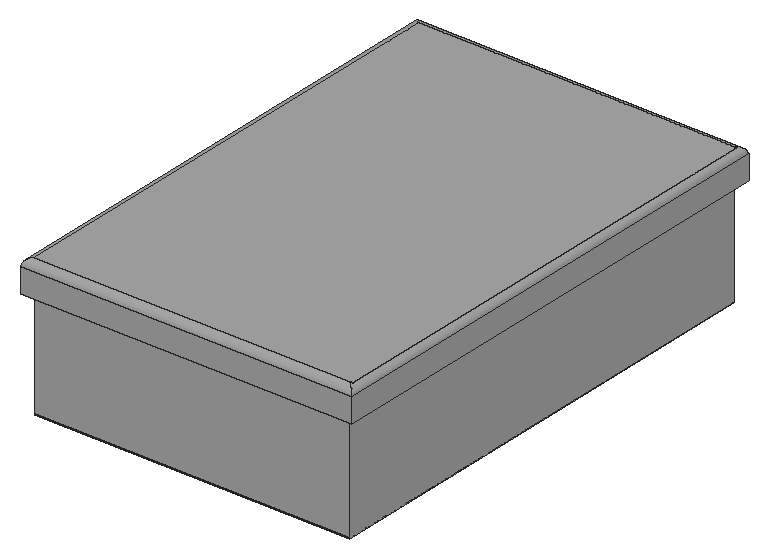
Revit family "5001S_Control Panel and Indicating Equipment", category Fire Alarm Devices, host Face, Revit 2020
Family settings
  Host = Face
  Maintain Annotation Orientation = No
  Round Connector Dimension = Use Diameter
  Part Type = Normal
  OmniClass Number = 23.85.30.21
  OmniClass Title = Environmental Detection/Registration
  Cut with Voids When Loaded = No
  Shared = No
  Room Calculation Point = No
Parameters (values of type "5001S")
  Width (W) = 418 mm  # constant formula
  Weight = "19 kg (no internal batteries), 41 kg (with 2 x 28Ah batteries)"  # constant formula
  Voltage System = "24V DC"  # constant formula
  Voltage Primary = "230 V AC (195-253) 2.0 A 50 Hz"  # constant formula
  Version = "RVT20"  # constant formula
  Uniformat 2010 Description = "Detection and Alarm"  # constant formula
  Uniformat 2010  Code = "D7050"  # constant formula
  Uniclass 2015 Description = "Fire and smoke detector bases"  # constant formula
  Uniclass 2015 Code = "Pr_75_80_30_27 "  # constant formula
  URL = "https://www.panasonic-fire-security.com"
  Type Comments = "The 5001S is an EBL512 G3 control unit with main board 5012 without display and keypad. The control unit has 4 COM loops. It can be configured for 128, 256 or 512 alarm points, and the number of alarm points can be upgraded on site. In total, 1012 COM loop units (addresses) can be used; of which 512 can be alarm points."  # constant formula
  Tested and Approved = "EN54-4, EN54-2"  # constant formula
  Short Circuit Isolator = "Yes, for loops 0-3"  # constant formula
  Product Material = Metal cabinet_Aluminum-zinc – AZ150
  Omniclass Description = "Smoke Detectors"  # constant formula
  Omniclass Code = "23.85.30.21.11.11.11"  # constant formula
  Number of Loops = 4  # constant formula
  Network = "Yes. Up to 30 control panels. Network boards 5040 or TLON connection boards 5090\u0002"  # constant formula
  Model = "5001S"  # constant formula
  Min_Wire Size = "Ø 0.65 mm (0.33 mm²)"  # constant formula
  Max_Wire Size = "Ø 1.6 mm (2 mm²)"  # constant formula
  Max. nº of isolators (Loop) = 128  # constant formula
  Max. nº of alarm points (Panel) = 512  # constant formula
  Max. nº of addresses (Panel) = 1012  # constant formula
  Max. nº of addresses (Loop) = 253  # constant formula
  Max. COM Loop Repeaters (Panel) = 16  # constant formula
  Manufacturer = "Panasonic"  # constant formula
  Ingress Protection Rating = "IP30"  # constant formula
  Height (H) = 625 mm  # constant formula
  Expansion Board Installed [instance] = "Max. 6 per panel"  # constant formula
  Description = "Control and Indicating Equipment EBL512 G3. Model 5001S (Green Box) with not front and no display. "  # constant formula
  Depth (D) = 177 mm  # constant formula
  Default Elevation = 0 mm
  Contact = ""
  CPR = "0402-CPR-C500142"  # constant formula
  Ambient Temperature Storage = "-30 to +80 °C"  # constant formula
  Ambient Temperature Operating = "-5 to +40 °C"  # constant formula
  Ambient Humidity = "Maximum 95 % RH "  # constant formula
  4583-8 Inputs and Outputs Expansion Board [instance] = 0
  4581-8 Relay Outputs Expansion Board [instance] = 6
  4580-8 Zones Expansion Board [instance] = 1
Reference planes
  plane 1 "Center (Front/Back)": y = 0
  plane 2: z = 0
  plane 3 "Center (Left/Right)": x = 0
  plane 4: x = -199
  plane 5: z = 177
  plane 6: y = 312.5
  plane 7: y = -312.5
  plane 8: z = 137
  plane 9: z = 1
  plane 10: x = -189
  plane 11: y = 302.5
  plane 12: y = -302.5
  plane 13: x = -209
  plane 14: z = 167
  plane 15: x = -179
  plane 16: x = 199
  plane 17: x = 189
  plane 18: x = 209
  plane 19: x = 179
  plane 20: y = 292.5
  plane 21: y = -292.5
Forms (mm)
  Extrusion 1, solid, material "Metal cabinet_Aluminum-zinc – AZ150" <- "Product Material"
    sketch origin (0, 0, 0) x (1, 0, 0) y (0, 1, 0)
      loop
        line (-199, 302.5) -> (-199, -302.5) -> (199, -302.5) -> (199, 302.5) -> (-199, 302.5)
      loop
        line (-189, -292.5) -> (189, -292.5) -> (189, 292.5) -> (-189, 292.5) -> (-189, -292.5)
    from 0 to 167
  Extrusion 2, solid, material "Metal cabinet_Aluminum-zinc – AZ150" <- "Product Material"
    sketch origin (0, 0, 0) x (1, 0, 0) y (0, 1, 0)
      loop
        line (-199, 302.5) -> (-199, -302.5) -> (199, -302.5) -> (199, 302.5) -> (-199, 302.5)
    from 0 to 1
  Sweep 3, solid, material "Metal cabinet_Aluminum-zinc – AZ150" <- "Product Material"
    path in 3D
      loop
        line (199, -302.5, 167) -> (199, 302.5, 167) -> (-199, 302.5, 167) -> (-199, -302.5, 167) -> (199, -302.5, 167)
    profile origin (0, -302.5, 167) x (0, 1, 0) y (0, 0, 1)
      loop
        line (-10, -30) -> (0, -30) -> (0, 0) -> (10, 0) -> (10, 10) -> (-0.445, 10)
        arc (-0.445, 10) -> (-7.201, 7.201) -> (-10, 0.445) r 9.555
        line (-10, 0.445) -> (-10, -30)
  Extrusion 4, solid, material "Metal cabinet_Aluminum-zinc – AZ150" <- "Product Material"
    sketch origin (0, 0, 0) x (1, 0, 0) y (0, 1, 0)
      loop
        line (-189, 302.5) -> (-189, -302.5) -> (202, -302.5) -> (202, 302.5) -> (-189, 302.5)
    from 137 to 177
Cuts and joins
  joined: Sweep 3, Extrusion 4
Lines and regions (mm)
  sketch lines
    curve 1: line (-199, -302.5, 167) -> (199, -302.5, 167)
    curve 2: line (-199, 302.5, 167) -> (-199, -302.5, 167)
    curve 3: line (199, 302.5, 167) -> (-199, 302.5, 167)
    curve 4: line (199, -302.5, 167) -> (199, 302.5, 167)
Dimensions and locks
  locked: plane 7 to plane 12 at 10
  plane 13 to plane 4 to plane 10 = 10 mm locked, 10 mm locked
  locked: plane 6 to plane 11 at 10
  equal spacing: plane 6, plane 1 "Center (Front/Back)", plane 7
  locked: plane 10 to plane 15 at 10
  plane 18 to plane 16 to plane 17 = 10 mm locked, 10 mm locked
  locked: plane 17 to plane 19 at 10
  equal spacing: plane 13, plane 3 "Center (Left/Right)", plane 18
  locked: plane 11 to plane 20 at 10
  locked: plane 12 to plane 21 at 10
  plane 5 to plane 14 to plane 8 = 10 mm locked, 30 mm locked
  "Depth (D)": plane 5 to host face
  "Height (H)": plane 6 to plane 7
  "Width (W)": plane 13 to plane 18
  aligned and locked: plane 2 to host face
  aligned and locked: level to host face
  aligned and locked: plane 4 to Extrusion 1 sketch curve
  aligned and locked: Extrusion 1 to level
  aligned and locked: Extrusion 2 to level
  aligned and locked: plane 9 to Extrusion 2
  aligned and locked: plane 14 to Extrusion 1
  aligned and locked: plane 5 to Sweep 3 sketch curve
  aligned and locked: Sweep 3 sketch curve to profile plane  (x2)
  aligned and locked: Sweep 3 sketch curve to plane 8
  aligned and locked: Extrusion 4 to plane 8
  aligned and locked: plane 5 to Extrusion 4
  aligned and locked: plane 10 to Extrusion 4 sketch curve
  aligned and locked: Extrusion 4 sketch curve to plane 11
  aligned and locked: Extrusion 4 sketch curve to plane 12
  aligned and locked: plane 10 to Extrusion 1 sketch curve
  aligned and locked: Extrusion 1 sketch curve to plane 20
  aligned and locked: Extrusion 1 sketch curve to plane 11
  aligned and locked: plane 16 to Extrusion 1 sketch curve
  aligned and locked: plane 17 to Extrusion 1 sketch curve
  aligned and locked: Extrusion 1 sketch curve to plane 21
  aligned and locked: Extrusion 1 sketch curve to plane 12
  aligned and locked: plane 4 to Extrusion 2 sketch curve
  aligned and locked: plane 16 to Extrusion 2 sketch curve
Automatic sketch dimensions
  host sketch curve to host sketch curve = 2438.4 mm  (x2)
  plane 3 "Center (Left/Right)" to Extrusion 4 sketch curve = 202 mm
  profile plane to Sweep 3 sketch curve = 0.445 mm
  Extrusion 2 sketch curve to plane 11 = 0 mm
  plane 12 to Extrusion 2 sketch curve = 0 mm
  profile plane to Sweep 3 sketch curve = 10 mm
  Sweep 3 sketch curve to Sweep 3 sketch curve = 10 mm
Connectors
  electrical at (0, 0, 0)
    settings: index 1, voltage 0 V, apparent load 0 VA, apparent load phase1 0 VA, apparent load phase2 0 VA, apparent load phase3 0 VA, power factor 1, load classification "Other", number of poles 1, system type 11, power factor state 1, is connector primary yes, connector utility no, sub classification motor no, connector description ""
